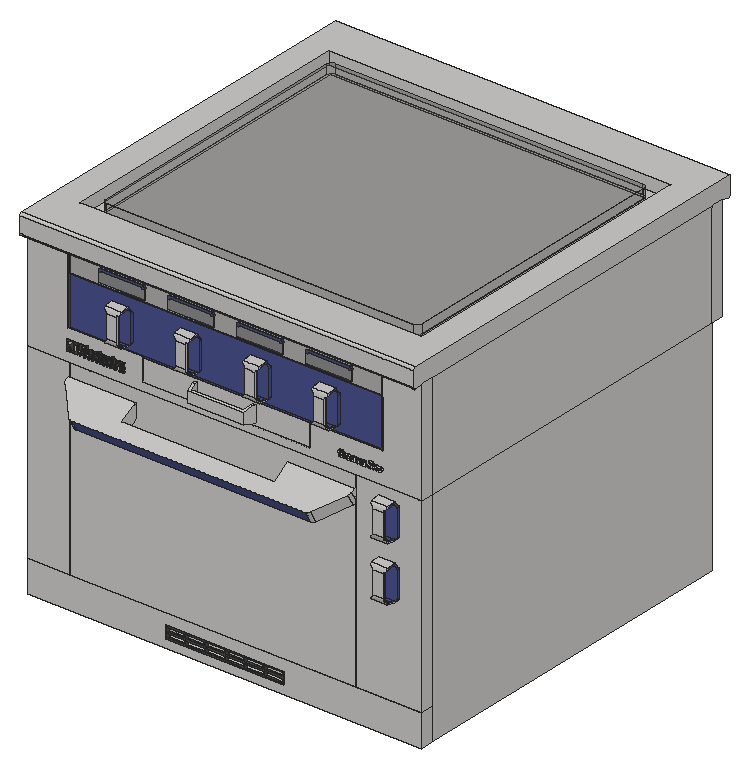
Revit family "QF_ELECTROLUXPROFESSIONAL_588411_MALLEAH8AO", category Attrezzature speciali, Revit 2020 (continued)
Definition of nested family "Front_Panel_W800_Four Knobs"
  Definition of nested family "ELX_Professional_Logo_Small"
    Forms (mm)
      Extrusion 2, solid, material <- "Material_Logo"
        sketch origin (15.5, 0, 0) x (1, 0, 0) y (0, 1, 0)
          loop
            spline (-26.936, -1.713) -> (-27.384, -1.691) -> (-27.805, -1.625) -> (-28.196, -1.518) -> (-28.556, -1.372) -> (-28.882, -1.187) -> (-29.174, -0.966) -> (-29.429, -0.71) -> (-29.645, -0.422) -> (-29.821, -0.102) -> (-29.955, 0.247) -> (-30.045, 0.623) -> (-30.089, 1.026)
            line (-30.089, 1.026) -> (-21.956, 1.026) -> (-21.915, 1.897)
          loop
            spline (-24.446, 2.769) -> (-24.47, 3.075) -> (-24.54, 3.37) -> (-24.654, 3.65) -> (-24.807, 3.913) -> (-24.996, 4.156) -> (-25.219, 4.376) -> (-25.472, 4.57) -> (-25.753, 4.736) -> (-26.057, 4.869) -> (-26.382, 4.968) -> (-26.724, 5.03) -> (-27.081, 5.051)
            spline (-27.081, 5.051) -> (-27.464, 5.03) -> (-27.832, 4.97) -> (-28.183, 4.872) -> (-28.513, 4.74) -> (-28.819, 4.577) -> (-29.099, 4.384) -> (-29.347, 4.165) -> (-29.563, 3.923) -> (-29.742, 3.659) -> (-29.881, 3.377) -> (-29.977, 3.079) -> (-30.027, 2.769)
            line (-30.027, 2.769) -> (-24.446, 2.769)
          loop
            spline (-18.167, 1.669) -> (-18.138, 2.13) -> (-18.055, 2.567) -> (-17.921, 2.978) -> (-17.739, 3.358) -> (-17.512, 3.705) -> (-17.243, 4.016) -> (-16.937, 4.287) -> (-16.596, 4.517) -> (-16.223, 4.7) -> (-15.823, 4.835) -> (-15.398, 4.919) -> (-14.951, 4.947)
            spline (-14.951, 4.947) -> (-14.677, 4.938) -> (-14.414, 4.913) -> (-14.162, 4.871) -> (-13.921, 4.812) -> (-13.69, 4.738) -> (-13.467, 4.649) -> (-13.254, 4.544) -> (-13.048, 4.424) -> (-12.85, 4.291) -> (-12.659, 4.143) -> (-12.474, 3.981) -> (-12.295, 3.806)
            line (-12.295, 3.806) -> (-10.76, 5.403)
            spline (-10.76, 5.403) -> (-11.065, 5.709) -> (-11.38, 5.984) -> (-11.703, 6.228) -> (-12.035, 6.443) -> (-12.375, 6.63) -> (-12.723, 6.788) -> (-13.078, 6.92) -> (-13.44, 7.026) -> (-13.809, 7.107) -> (-14.184, 7.164) -> (-14.564, 7.198) -> (-14.951, 7.209)
            spline (-14.951, 7.209) -> (-15.725, 7.161) -> (-16.467, 7.02) -> (-17.169, 6.792) -> (-17.826, 6.482) -> (-18.43, 6.096) -> (-18.976, 5.637) -> (-19.455, 5.112) -> (-19.862, 4.525) -> (-20.19, 3.882) -> (-20.433, 3.189) -> (-20.584, 2.449) -> (-20.635, 1.669)
            spline (-20.635, 1.669) -> (-20.584, 0.889) -> (-20.433, 0.149) -> (-20.19, -0.545) -> (-19.862, -1.187) -> (-19.455, -1.774) -> (-18.976, -2.299) -> (-18.43, -2.758) -> (-17.826, -3.145) -> (-17.169, -3.454) -> (-16.467, -3.682) -> (-15.725, -3.823) -> (-14.951, -3.871)
            spline (-14.951, -3.871) -> (-14.564, -3.86) -> (-14.184, -3.826) -> (-13.809, -3.77) -> (-13.44, -3.689) -> (-13.078, -3.583) -> (-12.723, -3.451) -> (-12.375, -3.292) -> (-12.035, -3.105) -> (-11.703, -2.89) -> (-11.38, -2.646) -> (-11.065, -2.371) -> (-10.76, -2.066)
            line (-10.76, -2.066) -> (-12.295, -0.468)
            spline (-12.295, -0.468) -> (-12.474, -0.643) -> (-12.659, -0.805) -> (-12.85, -0.953) -> (-13.048, -1.087) -> (-13.254, -1.206) -> (-13.467, -1.311) -> (-13.69, -1.4) -> (-13.921, -1.475) -> (-14.162, -1.533) -> (-14.414, -1.575) -> (-14.677, -1.6) -> (-14.951, -1.609)
            spline (-14.951, -1.609) -> (-15.398, -1.581) -> (-15.823, -1.497) -> (-16.223, -1.362) -> (-16.596, -1.179) -> (-16.937, -0.95) -> (-17.243, -0.678) -> (-17.512, -0.367) -> (-17.739, -0.02) -> (-17.921, 0.36) -> (-18.055, 0.771) -> (-18.138, 1.208) -> (-18.167, 1.669)
          loop
            spline (-4.441, -1.243) -> (-4.659, -1.247) -> (-4.894, -1.23) -> (-5.137, -1.19) -> (-5.384, -1.121) -> (-5.628, -1.021) -> (-5.864, -0.884) -> (-6.084, -0.708) -> (-6.283, -0.488) -> (-6.454, -0.219) -> (-6.592, 0.101) -> (-6.69, 0.478) -> (-6.742, 0.914)
            line (-6.742, 0.914) -> (-6.742, 4.587) -> (-4.487, 4.587) -> (-4.487, 6.838) -> (-6.738, 6.838) -> (-6.738, 10.824) -> (-9.217, 10.824) -> (-9.217, 0.773)
            spline (-9.217, 0.773) -> (-9.164, 0.19) -> (-9.068, -0.358) -> (-8.928, -0.87) -> (-8.742, -1.343) -> (-8.511, -1.777) -> (-8.232, -2.168) -> (-7.904, -2.515) -> (-7.527, -2.816) -> (-7.098, -3.069) -> (-6.618, -3.273) -> (-6.084, -3.426) -> (-5.496, -3.525)
            line (-5.496, -3.525) -> (-4.45, -3.573) -> (-4.441, -1.243)
          loop
            spline (3.898, 6.983) -> (3.469, 7.009) -> (3.056, 7.001) -> (2.661, 6.961) -> (2.283, 6.888) -> (1.925, 6.785) -> (1.588, 6.652) -> (1.272, 6.49) -> (0.979, 6.301) -> (0.71, 6.085) -> (0.465, 5.844) -> (0.247, 5.578) -> (0.056, 5.289)
            line (0.056, 5.289) -> (0.056, 6.838) -> (-2.402, 6.838) -> (-2.402, -3.572) -> (0.056, -3.572) -> (0.056, 1.901)
            spline (0.056, 1.901) -> (0.079, 2.316) -> (0.145, 2.703) -> (0.254, 3.06) -> (0.404, 3.386) -> (0.592, 3.679) -> (0.818, 3.938) -> (1.08, 4.162) -> (1.375, 4.348) -> (1.703, 4.495) -> (2.062, 4.602) -> (2.45, 4.668) -> (2.865, 4.69)
            line (2.865, 4.69) -> (3.898, 4.586) -> (3.898, 6.983)
          loop
            spline (15.638, 1.633) -> (15.586, 2.396) -> (15.435, 3.124) -> (15.192, 3.81) -> (14.863, 4.449) -> (14.455, 5.034) -> (13.975, 5.56) -> (13.43, 6.021) -> (12.826, 6.411) -> (12.17, 6.724) -> (11.469, 6.955) -> (10.729, 7.098) -> (9.958, 7.147)
            spline (9.958, 7.147) -> (9.182, 7.098) -> (8.44, 6.955) -> (7.737, 6.724) -> (7.081, 6.411) -> (6.477, 6.021) -> (5.933, 5.56) -> (5.454, 5.034) -> (5.048, 4.449) -> (4.721, 3.81) -> (4.479, 3.124) -> (4.329, 2.396) -> (4.277, 1.633)
            spline (4.277, 1.633) -> (4.329, 0.869) -> (4.479, 0.141) -> (4.721, -0.544) -> (5.048, -1.183) -> (5.454, -1.768) -> (5.933, -2.294) -> (6.477, -2.755) -> (7.081, -3.145) -> (7.737, -3.459) -> (8.44, -3.69) -> (9.182, -3.833) -> (9.958, -3.882)
            spline (9.958, -3.882) -> (10.729, -3.833) -> (11.469, -3.69) -> (12.17, -3.459) -> (12.826, -3.145) -> (13.43, -2.755) -> (13.975, -2.294) -> (14.455, -1.768) -> (14.863, -1.183) -> (15.192, -0.544) -> (15.435, 0.141) -> (15.586, 0.869) -> (15.638, 1.633)
          loop
            spline (13.18, 1.633) -> (13.151, 2.083) -> (13.067, 2.513) -> (12.932, 2.918) -> (12.748, 3.296) -> (12.52, 3.642) -> (12.251, 3.954) -> (11.943, 4.227) -> (11.601, 4.459) -> (11.228, 4.645) -> (10.828, 4.782) -> (10.403, 4.867) -> (9.958, 4.896)
            spline (9.958, 4.896) -> (9.509, 4.867) -> (9.081, 4.782) -> (8.679, 4.645) -> (8.306, 4.459) -> (7.964, 4.227) -> (7.658, 3.954) -> (7.39, 3.642) -> (7.163, 3.296) -> (6.981, 2.918) -> (6.847, 2.513) -> (6.765, 2.083) -> (6.736, 1.633)
            spline (6.736, 1.633) -> (6.765, 1.182) -> (6.847, 0.753) -> (6.981, 0.347) -> (7.163, -0.031) -> (7.39, -0.377) -> (7.658, -0.689) -> (7.964, -0.962) -> (8.306, -1.193) -> (8.679, -1.38) -> (9.081, -1.517) -> (9.509, -1.602) -> (9.958, -1.631)
            spline (9.958, -1.631) -> (10.403, -1.602) -> (10.828, -1.517) -> (11.228, -1.38) -> (11.601, -1.193) -> (11.943, -0.962) -> (12.251, -0.689) -> (12.52, -0.377) -> (12.748, -0.031) -> (12.932, 0.347) -> (13.067, 0.753) -> (13.151, 1.182) -> (13.18, 1.633)
          loop
            line (17.162, 4.269) -> (17.162, -3.573) -> (19.642, -3.573) -> (19.642, 10.824) -> (17.162, 10.824) -> (17.162, 4.269)
          loop
            line (28.581, 6.838) -> (28.581, 0.786)
            spline (28.581, 0.786) -> (28.561, 0.393) -> (28.503, 0.038) -> (28.409, -0.279) -> (28.281, -0.559) -> (28.122, -0.802) -> (27.933, -1.011) -> (27.717, -1.185) -> (27.476, -1.325) -> (27.213, -1.433) -> (26.929, -1.509) -> (26.626, -1.554) -> (26.308, -1.569)
            spline (26.308, -1.569) -> (25.99, -1.554) -> (25.688, -1.509) -> (25.404, -1.434) -> (25.141, -1.326) -> (24.9, -1.187) -> (24.684, -1.014) -> (24.496, -0.807) -> (24.336, -0.565) -> (24.209, -0.288) -> (24.115, 0.026) -> (24.057, 0.376) -> (24.037, 0.765)
            line (24.037, 0.765) -> (24.037, 6.838) -> (21.537, 6.838) -> (21.537, 0.558)
            spline (21.537, 0.558) -> (21.581, -0.153) -> (21.71, -0.8) -> (21.916, -1.384) -> (22.195, -1.904) -> (22.54, -2.362) -> (22.944, -2.757) -> (23.403, -3.09) -> (23.909, -3.362) -> (24.456, -3.572) -> (25.04, -3.722) -> (25.652, -3.811) -> (26.288, -3.841)
            spline (26.288, -3.841) -> (26.929, -3.811) -> (27.547, -3.72) -> (28.135, -3.568) -> (28.687, -3.355) -> (29.197, -3.079) -> (29.66, -2.741) -> (30.068, -2.341) -> (30.415, -1.877) -> (30.696, -1.349) -> (30.905, -0.757) -> (31.034, -0.101) -> (31.079, 0.621)
            line (31.079, 0.621) -> (31.079, 6.838) -> (28.581, 6.838)
          loop
            line (40.457, -0.243) -> (38.894, 1.942) -> (40.83, 4.579) -> (42.488, 6.837) -> (39.782, 6.837) -> (37.53, 3.719) -> (35.258, 6.837) -> (32.573, 6.837) -> (34.113, 4.731) -> (36.167, 1.922) -> (34.014, -1.076) -> (32.222, -3.573) -> (34.887, -3.573) -> (37.53, 0.104) -> (40.174, -3.573) -> (42.839, -3.573) -> (40.457, -0.243)
          loop
            line (-46.121, -5.837) -> (-48.039, -5.837) -> (-48.039, -10.814) -> (-47.016, -10.814) -> (-47.016, -9.128) -> (-46.121, -9.128)
            arc (-46.121, -9.128) -> (-44.476, -7.482) -> (-46.121, -5.837) r 1.645
          loop
            line (-46.163, -6.778) -> (-47.016, -6.778) -> (-47.016, -8.187) -> (-46.163, -8.187)
            arc (-46.163, -8.187) -> (-45.458, -7.482) -> (-46.163, -6.778) r 0.704
          loop
            line (-38.313, -5.837) -> (-40.265, -5.837) -> (-40.265, -10.814) -> (-39.241, -10.814) -> (-39.241, -9.1) -> (-38.46, -9.182) -> (-37.48, -10.814) -> (-36.318, -10.814) -> (-37.513, -8.848)
            arc (-37.513, -8.848) -> (-36.888, -8.266) -> (-36.671, -7.441) r 1.536
            arc (-36.671, -7.441) -> (-37.165, -6.305) -> (-38.313, -5.837) r 1.643
          loop
            arc (-38.402, -8.166) -> (-37.707, -7.505) -> (-38.334, -6.778) r 0.696
            line (-38.334, -6.778) -> (-39.241, -6.778) -> (-39.241, -8.166) -> (-38.402, -8.166)
          loop
            circle (-29.965, -8.325) r 2.585
          loop
            circle (-29.965, -8.325) r 1.64
          loop
            line (-23.1, -5.837) -> (-23.1, -10.814) -> (-22.076, -10.814) -> (-22.076, -8.768) -> (-20.204, -8.768) -> (-20.204, -7.828) -> (-22.076, -7.828) -> (-22.076, -6.778) -> (-20.024, -6.778) -> (-20.024, -5.837) -> (-23.1, -5.837)
          loop
            line (-15.802, -5.837) -> (-15.802, -9.2)
            arc (-15.802, -9.2) -> (-15.343, -10.34) -> (-14.209, -10.814) r 1.593
            line (-14.209, -10.814) -> (-12.602, -10.814) -> (-12.602, -10.027) -> (-14.004, -10.027)
            arc (-14.004, -10.027) -> (-14.552, -9.8) -> (-14.779, -9.252) r 0.775
            line (-14.779, -9.252) -> (-14.779, -8.424) -> (-12.789, -8.424) -> (-12.789, -7.642) -> (-14.779, -7.642) -> (-14.779, -6.778) -> (-12.651, -6.778) -> (-12.651, -5.837) -> (-15.802, -5.837)
          loop
            line (-5.909, -7.143) -> (-5.173, -6.638)
            arc (-5.173, -6.638) -> (-5.855, -5.974) -> (-6.781, -5.755) r 1.782
            arc (-6.781, -5.755) -> (-7.397, -5.878) -> (-7.944, -6.189) r 1.974
            arc (-7.944, -6.189) -> (-8.202, -6.5) -> (-8.317, -6.888) r 1.013
            arc (-8.317, -6.888) -> (-8.306, -7.341) -> (-8.192, -7.78) r 1.985
            arc (-8.192, -7.78) -> (-7.749, -8.259) -> (-7.171, -8.563) r 1.928
            arc (-7.171, -8.563) -> (-6.637, -8.779) -> (-6.131, -9.056) r 5.041
            arc (-6.131, -9.056) -> (-5.934, -9.387) -> (-6.09, -9.74) r 0.42
            arc (-6.09, -9.74) -> (-6.631, -9.96) -> (-7.204, -9.845) r 1.016
            arc (-7.204, -9.845) -> (-7.625, -9.603) -> (-7.889, -9.196) r 1.033
            line (-7.889, -9.196) -> (-8.67, -9.686)
            arc (-8.67, -9.686) -> (-8.361, -10.198) -> (-7.908, -10.589) r 1.914
            arc (-7.908, -10.589) -> (-7.334, -10.834) -> (-6.714, -10.896) r 2.063
            arc (-6.714, -10.896) -> (-5.947, -10.743) -> (-5.256, -10.376) r 2.696
            arc (-5.256, -10.376) -> (-4.95, -9.565) -> (-5.108, -8.712) r 1.618
            arc (-5.108, -8.712) -> (-5.448, -8.319) -> (-5.884, -8.035) r 1.876
            arc (-5.884, -8.035) -> (-6.434, -7.789) -> (-6.999, -7.577) r 9.883
            arc (-6.999, -7.577) -> (-7.325, -7.07) -> (-6.854, -6.694) r 0.45
            arc (-6.854, -6.694) -> (-6.329, -6.809) -> (-5.909, -7.143) r 1.197
          loop
            line (1.61, -7.143) -> (2.345, -6.638)
            arc (2.345, -6.638) -> (1.663, -5.974) -> (0.737, -5.755) r 1.782
            arc (0.737, -5.755) -> (0.121, -5.878) -> (-0.425, -6.189) r 1.974
            arc (-0.425, -6.189) -> (-0.683, -6.5) -> (-0.799, -6.888) r 1.013
            arc (-0.799, -6.888) -> (-0.788, -7.341) -> (-0.674, -7.78) r 1.985
            arc (-0.674, -7.78) -> (-0.231, -8.259) -> (0.347, -8.563) r 1.928
            arc (0.347, -8.563) -> (0.881, -8.779) -> (1.387, -9.056) r 5.041
            arc (1.387, -9.056) -> (1.584, -9.387) -> (1.428, -9.74) r 0.42
            arc (1.428, -9.74) -> (0.887, -9.96) -> (0.314, -9.845) r 1.016
            arc (0.314, -9.845) -> (-0.107, -9.603) -> (-0.371, -9.196) r 1.033
            line (-0.371, -9.196) -> (-1.152, -9.686)
            arc (-1.152, -9.686) -> (-0.842, -10.198) -> (-0.39, -10.589) r 1.914
            arc (-0.39, -10.589) -> (0.184, -10.834) -> (0.804, -10.896) r 2.063
            arc (0.804, -10.896) -> (1.572, -10.743) -> (2.263, -10.376) r 2.696
            arc (2.263, -10.376) -> (2.568, -9.565) -> (2.411, -8.712) r 1.618
            arc (2.411, -8.712) -> (2.07, -8.319) -> (1.635, -8.035) r 1.876
            arc (1.635, -8.035) -> (1.084, -7.789) -> (0.519, -7.577) r 9.883
            arc (0.519, -7.577) -> (0.193, -7.07) -> (0.665, -6.694) r 0.45
            arc (0.665, -6.694) -> (1.189, -6.809) -> (1.61, -7.143) r 1.197
          loop
            line (6.801, -5.837) -> (6.801, -10.814) -> (7.825, -10.814) -> (7.825, -5.837) -> (6.801, -5.837)
          loop
            circle (14.724, -8.325) r 1.548
          loop
            circle (14.724, -8.325) r 2.585
          loop
            line (21.59, -10.814) -> (22.623, -10.814) -> (22.623, -7.685) -> (24.9, -10.814) -> (25.895, -10.814) -> (25.895, -5.837) -> (24.861, -5.837) -> (24.861, -9.061) -> (22.585, -5.837) -> (21.59, -5.837) -> (21.59, -10.814)
          loop
            line (31.054, -10.814) -> (31.539, -9.74) -> (33.38, -9.74) -> (33.865, -10.814) -> (34.965, -10.814) -> (32.46, -5.837) -> (29.956, -10.814) -> (31.054, -10.814)
          loop
            line (32.46, -7.698) -> (31.999, -8.719) -> (32.921, -8.719) -> (32.46, -7.698)
          loop
            line (40.047, -9.873) -> (40.047, -5.837) -> (39.024, -5.837) -> (39.024, -10.814) -> (41.961, -10.814) -> (41.961, -9.873) -> (40.047, -9.873)
          loop
            line (-74.986, -10.814) -> (-53.322, -10.814) -> (-53.322, 10.82) -> (-74.986, 10.82) -> (-74.986, -10.814)
          loop
            line (-61.261, 9.758) -> (-61.261, -9.707)
            arc (-61.261, -9.707) -> (-54.066, 0.025) -> (-61.261, 9.758) r 10.18
          loop
            line (-62.251, 8.349) -> (-62.251, 9.758)
            arc (-62.251, 9.758) -> (-70.347, 7.918) -> (-74.247, 0.59) r 9.976
            line (-74.247, 0.59) -> (-71.026, 0.59)
            arc (-71.026, 0.59) -> (-65.274, 2.925) -> (-62.251, 8.349) r 9.351
          loop
            arc (-74.247, -0.539) -> (-70.353, -7.928) -> (-62.251, -9.957) r 10.237
            line (-62.251, -9.957) -> (-62.251, -8.298)
            arc (-62.251, -8.298) -> (-65.274, -2.874) -> (-71.026, -0.539) r 9.351
            line (-71.026, -0.539) -> (-74.247, -0.539)
        from 0 to 1.644
    Dimensions and locks
      aligned and locked: plane 2 to Extrusion 1
      aligned and locked: level to Extrusion 1
